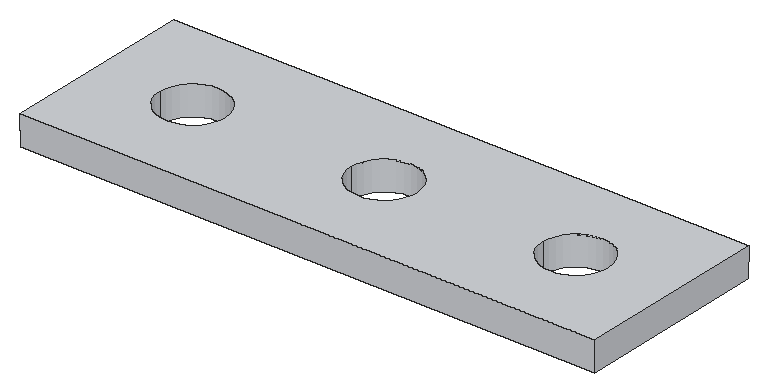
Revit family "Fitting-Flat_Plate-Unistrut-P1925", category Specialty Equipment, Revit 2012
Parameters (values of type "P1925")
  ecoScorecard_data = "http://products.ecoscorecard.com/atkore/P1925"
  ecoScorecard Product Page = "http://products.ecoscorecard.com/atkore/P1925?action=html"
  Weight Per Piece = 0.50 lbf
  Unit = none
  Unistrut Part Number = "P1925"  # constant formula
  URL = "http://unistrut.us/index.php"
  Thickness = 0' - 0 1/4"  # constant formula
  Subcategory = "Flat Plate Fittings"  # constant formula
  Product Page URL = "http://unistrut.us/index.php?WP=cat_detail&S=S05&P=P1925"
  Part Type = "Fitting"  # constant formula
  Overall Width = 0' - 1 5/8"  # constant formula
  Overall Length = 0' - 4 7/8"  # constant formula
  Model = "P1925"  # constant formula
  Material = ""
  Manufacturer Phone - Toll Free = "800-882-5543"  # constant formula
  Manufacturer Phone = "708-339-1610"  # constant formula
  Manufacturer Fax = "708-339-7814"  # constant formula
  Manufacturer Email = "mailto:jshaw@atkore.com"
  Manufacturer Address = "16100 South Lathrop Avenue, Harvey, IL 60426"  # constant formula
  Manufacturer = "Unistrut by Atkore International"  # constant formula
  Load Capacity Note = "Visit the product page for load application and capacity."  # constant formula
  Literature URL = "http://unistrut.us/index.php?WP=LItLibrary"
  Hole Diameter = 0' - 0 9/16"
  Cost Info = "mailto:jshaw@atkore.com"
  CAD URL = "http://unistrut.us/index.php?WP=CAD3d"
  Assembly Code = "D5020100"
  95 CSI = "16070"  # constant formula
  04 CSI = "26 05 48"  # constant formula
Reference planes (in)
  plane 1 "Center (Front/Back)": y = 0
  plane 2: z = 0
  plane 3 "Center (Left/Right)": x = 0
  plane 4: y = 0.8125
  plane 5: y = -0.8125
  plane 6: x = -2.4375
  plane 7: x = 2.4375
  plane 8: z = 0.25
  plane 9: x = 1.625
  plane 10: x = -1.625
Dimensions and locks (in)
  equal spacing: plane 6, plane 3 "Center (Left/Right)", plane 7
  "Overall Length": plane 6 to plane 7
  equal spacing: plane 4, plane 1 "Center (Front/Back)", plane 5
  "Overall Width": plane 4 to plane 5
  "Thickness": plane 8 to plane 2
  aligned and locked: level to plane 2
  aligned and locked: plane 3 "Center (Left/Right)" to nested 1
  aligned and locked: plane 1 "Center (Front/Back)" to nested 1
Nested families (in)
  nested 1: "P192" at (0, 0, 0), type "P192"
Definition of nested family "P192"
  Parameters (values of type "P192")
    Width = 0' - 1 5/8"
    Unit = none
    Thickness = 0' - 0 1/4"
    Radiuis = Diameter / 2  # 0' - 0 9/32"
    Length = 0' - 4 7/8"
    Diameter = 0' - 0 9/16"
  Reference planes (in)
    plane 1 "Center (Front/Back)": y = 0
    plane 2: z = 0
    plane 3 "Center (Left/Right)": x = 0
    plane 4: y = 0.8125
    plane 5: y = -0.8125
    plane 6: x = -2.4375
    plane 7: x = 2.4375
    plane 8: z = 0.25
    plane 9: x = -1.8125
    plane 10: x = 1.8125
    plane 11: z = 0.125
  Forms (in)
    Extrusion 1, solid, material <- "Unit"
      sketch origin (0, 0, 0) x (1, 0, 0) y (0, 1, 0)
        loop
          line (-2.4375, 0.8125) -> (-2.4375, -0.8125) -> (2.4375, -0.8125) -> (2.4375, 0.8125) -> (-2.4375, 0.8125)
        loop
          circle (0, 0) r 0.28125
        loop
          circle (1.625, 0) r 0.28125
        loop
          circle (-1.625, 0) r 0.28125
      from 0 to 0.25
  Dimensions and locks (in)
    equal spacing: plane 6, plane 3 "Center (Left/Right)", plane 7
    "Length": plane 6 to plane 7
    equal spacing: plane 4, plane 1 "Center (Front/Back)", plane 5
    "Width": plane 4 to plane 5
    "Thickness": plane 8 to plane 2
    equal spacing: plane 8, plane 11, plane 2
    locked: plane 3 "Center (Left/Right)" to Extrusion 1 sketch curve at 1.625
    locked: Extrusion 1 sketch curve to plane 3 "Center (Left/Right)" at 1.625
    "Radiuis": radius of Extrusion 1 sketch curve  (x3)
    aligned and locked: level to plane 2
    aligned and locked: Extrusion 1 sketch curve to plane 4
    aligned and locked: plane 7 to Extrusion 1 sketch curve
    aligned and locked: plane 5 to Extrusion 1 sketch curve
    aligned and locked: Extrusion 1 sketch curve to plane 6
    aligned and locked: plane 3 "Center (Left/Right)" to Extrusion 1 sketch curve
    aligned and locked: plane 1 "Center (Front/Back)" to Extrusion 1 sketch curve  (x3)
    aligned and locked: Extrusion 1 to plane 2
    aligned and locked: plane 8 to Extrusion 1
